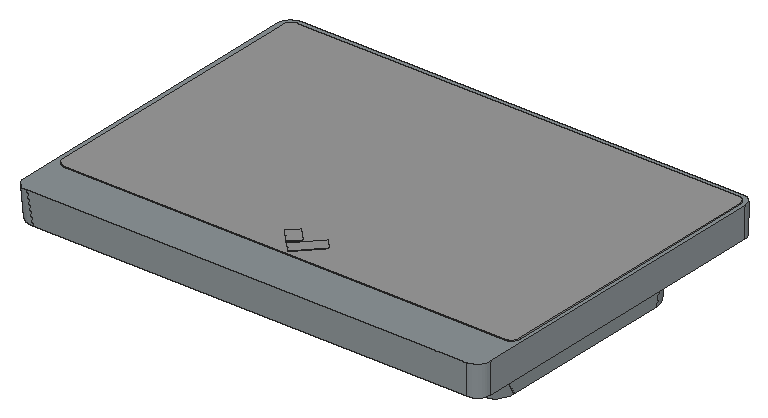
Revit family "AlarmsAlarmKeypad", category Security Devices, host Face, Revit 2019
Family settings
  Host = Face
  Maintain Annotation Orientation = Yes
  Round Connector Dimension = Use Diameter
  Part Type = Normal
  Cut with Voids When Loaded = No
  Shared = No
  Room Calculation Point = Yes
Parameters (values of type "BK11")
  Width = 7.2"
  URL = "https://www.verkada.com/alarms/keypad/"
  Type Image = BK11_21.png
  Model = "BK11"
  Manufacturer = "VERKADA"  # constant formula
  Length = 5.3"
  Height = 1.1"
  Description = "ALARM KEYPAD - WALL MOUNT"
  Default Elevation = 48.0"
  Corner Radius = 0.25"  # constant formula
Types (2): name | Width | Model | Length | Height | Description
  BK11 | 7.2" | "BK11" | 5.3" | 1.1" | "ALARM KEYPAD - WALL MOUNT"
  BK21 | 6.8" | "BK21" | 9.8" | 1.5" | "ALARM KEYPAD WITH WIRELSS HUB - WALL MOUNT"
Reference planes (in)
  plane 1 "Center (Front/Back)": y = 0
  plane 2: z = 0
  plane 3 "Center (Left/Right)": x = 0
  plane 4: x = 3.6
  plane 5: y = 2.65
  plane 6: y = -2.65
  plane 7: x = -3.6
  plane 8: z = 1.1
  plane 9: x = -3.13678
  plane 10: x = 3.13678
Forms (in)
  Blend 1, solid, material "Verkada Grey"
    base sketch origin (18.21374, -10.60161, 0.98426) x (1, 0, 0) y (0, 1, 0)
      loop
        arc (-21.52436, 13.25161) -> (-21.72898, 13.16685) -> (-21.81374, 12.96223) r 0.28938
        line (-21.81374, 12.96223) -> (-21.81374, 8.24099)
        arc (-21.81374, 8.24099) -> (-21.72898, 8.03637) -> (-21.52436, 7.95161) r 0.28938
        line (-21.52436, 7.95161) -> (-14.81608, 7.95161)
        arc (-14.81608, 7.95161) -> (-14.673, 8.01087) -> (-14.61374, 8.15394) r 0.20234
        line (-14.61374, 8.15394) -> (-14.61374, 13.06027)
        arc (-14.61374, 13.06027) -> (-14.66978, 13.19557) -> (-14.80508, 13.25161) r 0.19134
        line (-14.80508, 13.25161) -> (-21.52436, 13.25161)
    top sketch origin (18.21374, -10.60161, 0.98426) x (1, 0, 0) y (0, 1, 0)
      loop
        arc (-21.61098, 13.25161) -> (-21.75435, 13.19222) -> (-21.81374, 13.04885) r 0.20276
        line (-21.81374, 13.04885) -> (-21.81374, 8.14943)
        arc (-21.81374, 8.14943) -> (-21.7558, 8.00955) -> (-21.61592, 7.95161) r 0.19782
        line (-21.61592, 7.95161) -> (-14.8205, 7.95161)
        arc (-14.8205, 7.95161) -> (-14.6743, 8.01217) -> (-14.61374, 8.15837) r 0.20676
        line (-14.61374, 8.15837) -> (-14.61374, 13.06796)
        arc (-14.61374, 13.06796) -> (-14.66753, 13.19782) -> (-14.79739, 13.25161) r 0.18365
        line (-14.79739, 13.25161) -> (-21.61098, 13.25161)
    from -0.34411 to 0.11574
  Blend 2, solid, material "Verkada Grey"
    base sketch origin (18.21923, -10.59248, 0.78426) x (1, 0, 0) y (0, 1, 0)
      loop
        line (-15.11923, 9.21986) -> (-15.11923, 11.97174)
        arc (-15.11923, 11.97174) -> (-15.20416, 12.1768) -> (-15.40923, 12.26174) r 0.29
        line (-15.40923, 12.26174) -> (-21.01709, 12.26174)
        arc (-21.01709, 12.26174) -> (-21.22215, 12.1768) -> (-21.30709, 11.97174) r 0.29
        line (-21.30709, 11.97174) -> (-21.30709, 9.21686)
        arc (-21.30709, 9.21686) -> (-21.22215, 9.0118) -> (-21.01709, 8.92686) r 0.29
        line (-21.01709, 8.92686) -> (-15.41223, 8.92686)
        arc (-15.41223, 8.92686) -> (-15.20505, 9.01268) -> (-15.11923, 9.21986) r 0.29301
    top sketch origin (18.21923, -10.59248, 0.78426) x (1, 0, 0) y (0, 1, 0)
      loop
        line (-15.33241, 12.30351) -> (-21.10604, 12.30351)
        arc (-21.10604, 12.30351) -> (-21.2828, 12.23029) -> (-21.35601, 12.05354) r 0.24997
        line (-21.35601, 12.05354) -> (-21.35601, 9.08235)
        arc (-21.35601, 9.08235) -> (-21.29717, 8.9403) -> (-21.15511, 8.88146) r 0.20089
        line (-21.15511, 8.88146) -> (-15.08244, 8.88146) -> (-15.08244, 12.05354)
        arc (-15.08244, 12.05354) -> (-15.15566, 12.23029) -> (-15.33241, 12.30351) r 0.24997
    from -0.78426 to -0.14411
  Extrusion 3, solid, material "Verkada Black"
    sketch origin (0, 0, 0) x (1, 0, 0) y (0, 1, 0)
      loop
        line (-3.52804, 2.452) -> (-3.52804, -1.78708)
        arc (-3.52804, -1.78708) -> (-3.48876, -1.88234) -> (-3.39359, -1.92182) r 0.13445
        line (-3.39359, -1.92182) -> (3.39359, -1.92182)
        arc (3.39359, -1.92182) -> (3.48866, -1.88244) -> (3.52804, -1.78737) r 0.13445
        line (3.52804, -1.78737) -> (3.52804, 2.45228)
        arc (3.52804, 2.45228) -> (3.48866, 2.54735) -> (3.39359, 2.58673) r 0.13445
        line (3.39359, 2.58673) -> (-3.39359, 2.58673)
        arc (-3.39359, 2.58673) -> (-3.48876, 2.54725) -> (-3.52804, 2.452) r 0.13445
    from 1.03193 to 1.10396
  Extrusion 4, solid, material "Verkada White"
    sketch origin (-0.00002, -5.54772, -3.66559) x (1, 0, 0) y (0, 1, 0)
      loop
        line (-0.02918, 4.00761) -> (-0.21006, 4.20045) -> (-0.34495, 4.05581) -> (-0.16415, 3.86287) -> (-0.02918, 4.00761)
      loop
        line (0.21007, 4.20045) -> (-0.13505, 3.83251) -> (0.00001, 3.68768) -> (0.34496, 4.05581) -> (0.21007, 4.20045)
    from 4.73341 to 4.77408
Lines and regions (in)
  model lines, style "Verkada Alarm"
    curve 1: line (-3.05531, 2.02878, 1.10396) -> (-3.05531, -1.23579, 1.10396)
    curve 2: arc (-3.05531, -1.23579, 1.10396) -> (-3.03225, -1.29147, 1.10396) -> (-2.97657, -1.31453, 1.10396) r 0.07874
    curve 3: line (-2.97657, -1.31453, 1.10396) -> (2.97657, -1.31453, 1.10396)
    curve 4: arc (2.97657, -1.31453, 1.10396) -> (3.03225, -1.29147, 1.10396) -> (3.05531, -1.23579, 1.10396) r 0.07874
    curve 5: line (3.05531, -1.23579, 1.10396) -> (3.05531, 2.02878, 1.10396)
    curve 6: arc (3.05531, 2.02878, 1.10396) -> (3.03225, 2.08445, 1.10396) -> (2.97657, 2.10752, 1.10396) r 0.07874
    curve 7: line (2.97657, 2.10752, 1.10396) -> (-2.97657, 2.10752, 1.10396)
    curve 8: arc (-2.97657, 2.10752, 1.10396) -> (-3.03225, 2.08445, 1.10396) -> (-3.05531, 2.02878, 1.10396) r 0.07874
    curve 9: line (-3.52804, 2.452, 1.10396) -> (-3.52804, -1.78708, 1.10396)
    curve 10: arc (-3.52804, -1.78708, 1.10396) -> (-3.48876, -1.88234, 1.10396) -> (-3.39359, -1.92182, 1.10396) r 0.13445
    curve 11: line (-3.39359, -1.92182, 1.10396) -> (3.39359, -1.92182, 1.10396)
    curve 12: arc (3.39359, -1.92182, 1.10396) -> (3.48866, -1.88244, 1.10396) -> (3.52804, -1.78737, 1.10396) r 0.13445
    curve 13: line (3.52804, -1.78737, 1.10396) -> (3.52804, 2.45228, 1.10396)
    curve 14: arc (-3.52804, 2.452, 1.10396) -> (-3.48876, 2.54725, 1.10396) -> (-3.39359, 2.58673, 1.10396) r 0.13445
    curve 15: line (-3.39359, 2.58673, 1.10396) -> (3.39359, 2.58673, 1.10396)
    curve 16: arc (3.39359, 2.58673, 1.10396) -> (3.48866, 2.54735, 1.10396) -> (3.52804, 2.45228, 1.10396) r 0.13445
Dimensions and locks (in)
  equal spacing: plane 7, plane 3 "Center (Left/Right)", plane 4
  "Width": plane 7 to plane 4
  "Height": plane 8 to level
  equal spacing: plane 6, plane 1 "Center (Front/Back)", plane 5
  "Length": plane 6 to plane 5
  aligned and locked: plane 2 to host face
  aligned and locked: level to host face
Automatic sketch dimensions
  host sketch curve to host sketch curve = 96.0"  (x2)
  Blend 1 sketch curve to plane 7 = 0.0"  (x2)
  plane 5 to Blend 1 sketch curve = 0.0"  (x2)
  plane 6 to Blend 1 sketch curve = 0.0"  (x2)
  Blend 1 sketch curve to plane 4 = 0.0"  (x2)
  Blend 1 sketch curve to plane 9 = 0.17384"  (x2)
  Blend 1 sketch curve to plane 4 = 0.20234"
  Blend 1 sketch curve to Blend 1 sketch curve = 0.19134"
  Blend 1 sketch curve to Blend 1 sketch curve = 0.19782"
  plane 5 to Blend 1 sketch curve = 0.20276"
  Blend 1 sketch curve to plane 4 = 0.20676"
  Blend 1 sketch curve to plane 4 = 0.18365"
  plane 9 to Blend 2 sketch curve = 0.04892"
  plane 9 to Blend 2 sketch curve = 0.33892"
  Blend 2 sketch curve to Blend 2 sketch curve = 0.29"
  plane 10 to Blend 2 sketch curve = 0.32979"
  plane 10 to Blend 2 sketch curve = 0.32678"
  plane 10 to Blend 2 sketch curve = 0.03678"
  Blend 2 sketch curve to plane 6 = 0.98437"
  plane 5 to Blend 2 sketch curve = 1.27075"
  Blend 2 sketch curve to plane 9 = 0.0"
  Blend 2 sketch curve to plane 10 = 0.0"
  plane 9 to Blend 2 sketch curve = 0.20089"
  plane 9 to Blend 2 sketch curve = 0.24997"
  Blend 2 sketch curve to Blend 2 sketch curve = 0.24997"
  Blend 2 sketch curve to plane 6 = 0.93898"
  plane 5 to Blend 2 sketch curve = 1.18894"
  plane 7 to Extrusion 3 sketch curve = 0.07196"
  Extrusion 3 sketch curve to Extrusion 3 sketch curve = 0.13445"  (x3)
  Extrusion 3 sketch curve to plane 4 = 0.20641"  (x2)
  Extrusion 3 sketch curve to plane 4 = 0.07196"
  Extrusion 3 sketch curve to plane 6 = 0.72818"
  plane 5 to Extrusion 3 sketch curve = 0.198"
  plane 5 to Extrusion 3 sketch curve = 0.19772"
  plane 7 to curve 9 = 0.07196"
  curve 14 to curve 14 = 0.13445"
  curve 9 to curve 11 = 0.13445"
  plane 9 to curve 1 = 0.08147"
  curve 2 to curve 3 = 0.07874"
  curve 8 to curve 7 = 0.07874"
  plane 10 to curve 6 = 0.16021"
  plane 10 to curve 3 = 0.16021"
  curve 6 to curve 5 = 0.07874"
  plane 5 to curve 15 = 0.06327"
  curve 15 to plane 4 = 0.20641"
  curve 12 to plane 4 = 0.20641"
  curve 13 to plane 4 = 0.07196"
  curve 9 to curve 15 = 0.13473"
  curve 7 to curve 16 = 0.34476"
  plane 1 "Center (Front/Back)" to curve 1 = 1.23579"
  curve 9 to curve 1 = 0.55129"
  curve 13 to curve 3 = 0.47283"
  Extrusion 4 sketch curve to plane 3 "Center (Left/Right)" = 0.34496"
  Extrusion 4 sketch curve to Extrusion 4 sketch curve = 0.13488"  (x2)
  Extrusion 4 sketch curve to plane 3 "Center (Left/Right)" = 0.16417"
  Extrusion 4 sketch curve to Extrusion 4 sketch curve = 0.02911"
  Extrusion 4 sketch curve to plane 3 "Center (Left/Right)" = 0.0292"
  Extrusion 4 sketch curve to plane 3 "Center (Left/Right)" = 0.00001"
  plane 3 "Center (Left/Right)" to Extrusion 4 sketch curve = 0.21006"
  Extrusion 4 sketch curve to plane 6 = 0.78996"
  Extrusion 4 sketch curve to Extrusion 4 sketch curve = 0.14483"
  Extrusion 4 sketch curve to Extrusion 4 sketch curve = 0.03036"
  Extrusion 4 sketch curve to Extrusion 4 sketch curve = 0.14474"
  Extrusion 4 sketch curve to Extrusion 4 sketch curve = 0.19294"
  Extrusion 4 sketch curve to Extrusion 4 sketch curve = 0.0482"
  Extrusion 4 sketch curve to Extrusion 4 sketch curve = 0.14464"  (x2)
Nested families (in)
  nested 1: "PlanSymbol_AlarmKeypad" at (0, 0, 0), type "Standard"
  nested 2: "BK11_21 Speaker" at (-0.06938, -2.05993, 1.1), type "Standard"
Connectors (in)
  electrical at (0, 0, 0)
    settings: index 2, voltage 0 V, apparent load 0 VA, apparent load phase1 0 VA, apparent load phase2 0 VA, apparent load phase3 0 VA, power factor 1, load classification "Other", number of poles 1, system type 10, power factor state 1, is connector primary yes, connector utility no, sub classification motor no, connector description ""
Definition of nested family "PlanSymbol_AlarmKeypad"
  Reference planes (in)
    plane 1: y = 0
    plane 2: x = 0
  Lines and regions (in)
    Masking region 1
      outline origin (0, 0, 0) x (1, 0, 0) y (0, 1, 0)
        loop
          line (-0.11811, 0.23622) -> (-0.11811, 0.15748) -> (-0.03937, 0.15748) -> (-0.03937, 0.23622) -> (-0.11811, 0.23622)
    Masking region 2
      outline origin (0.07874, 0, 0) x (1, 0, 0) y (0, 1, 0)
        loop
          line (-0.11811, 0.23622) -> (-0.11811, 0.15748) -> (-0.03937, 0.15748) -> (-0.03937, 0.23622) -> (-0.11811, 0.23622)
    Masking region 3
      outline origin (0.15748, 0, 0) x (1, 0, 0) y (0, 1, 0)
        loop
          line (-0.11811, 0.23622) -> (-0.11811, 0.15748) -> (-0.03937, 0.15748) -> (-0.03937, 0.23622) -> (-0.11811, 0.23622)
    Masking region 4
      outline origin (0, -0.07874, 0) x (1, 0, 0) y (0, 1, 0)
        loop
          line (-0.11811, 0.23622) -> (-0.11811, 0.15748) -> (-0.03937, 0.15748) -> (-0.03937, 0.23622) -> (-0.11811, 0.23622)
    Masking region 5
      outline origin (0.07874, -0.07874, 0) x (1, 0, 0) y (0, 1, 0)
        loop
          line (-0.11811, 0.23622) -> (-0.11811, 0.15748) -> (-0.03937, 0.15748) -> (-0.03937, 0.23622) -> (-0.11811, 0.23622)
    Masking region 6
      outline origin (0.15748, -0.07874, 0) x (1, 0, 0) y (0, 1, 0)
        loop
          line (-0.11811, 0.23622) -> (-0.11811, 0.15748) -> (-0.03937, 0.15748) -> (-0.03937, 0.23622) -> (-0.11811, 0.23622)
    Masking region 7
      outline origin (0, -0.15748, 0) x (1, 0, 0) y (0, 1, 0)
        loop
          line (-0.11811, 0.23622) -> (-0.11811, 0.15748) -> (-0.03937, 0.15748) -> (-0.03937, 0.23622) -> (-0.11811, 0.23622)
    Masking region 8
      outline origin (0.07874, -0.15748, 0) x (1, 0, 0) y (0, 1, 0)
        loop
          line (-0.11811, 0.23622) -> (-0.11811, 0.15748) -> (-0.03937, 0.15748) -> (-0.03937, 0.23622) -> (-0.11811, 0.23622)
    Masking region 9
      outline origin (0.15748, -0.15748, 0) x (1, 0, 0) y (0, 1, 0)
        loop
          line (-0.11811, 0.23622) -> (-0.11811, 0.15748) -> (-0.03937, 0.15748) -> (-0.03937, 0.23622) -> (-0.11811, 0.23622)
Definition of nested family "BK11_21 Speaker"
  Reference planes (in)
    plane 1 "Center (Front/Back)": y = 0
    plane 2: z = 0
    plane 3 "Center (Left/Right)": x = 0
  Lines and regions (in)
    model lines
      curve 1: circle (0, -0.01518, 0) r 0.04628 normal (0, 0, -1)
      curve 2: circle (0.13877, -0.01518, 0) r 0.04628 normal (0, 0, -1)
      curve 3: circle (0.27753, -0.01518, 0) r 0.04628 normal (0, 0, -1)
      curve 4: circle (0.4163, -0.01518, 0) r 0.04628 normal (0, 0, -1)
      curve 5: circle (0.55507, -0.01518, 0) r 0.04628 normal (0, 0, -1)
      curve 6: circle (0.69384, -0.01518, 0) r 0.04628 normal (0, 0, -1)
      curve 7: circle (0.8326, -0.01518, 0) r 0.04628 normal (0, 0, -1)
      curve 8: circle (0.97137, -0.01518, 0) r 0.04628 normal (0, 0, -1)
      curve 9: circle (1.11014, -0.01518, 0) r 0.04628 normal (0, 0, -1)
      curve 10: circle (1.24891, -0.01518, 0) r 0.04628 normal (0, 0, -1)
      curve 11: circle (1.38767, -0.01518, 0) r 0.04628 normal (0, 0, -1)
      curve 12: circle (1.52644, -0.01518, 0) r 0.04628 normal (0, 0, -1)
      curve 13: circle (1.66521, -0.01518, 0) r 0.04628 normal (0, 0, -1)
      curve 14: circle (1.80398, -0.01518, 0) r 0.04628 normal (0, 0, -1)
      curve 15: circle (1.94274, -0.01518, 0) r 0.04628 normal (0, 0, -1)
      curve 16: circle (2.08151, -0.01518, 0) r 0.04628 normal (0, 0, -1)
      curve 17: circle (2.22028, -0.01518, 0) r 0.04628 normal (0, 0, -1)
      curve 18: circle (2.35905, -0.01518, 0) r 0.04628 normal (0, 0, -1)
      curve 19: circle (2.49781, -0.01518, 0) r 0.04628 normal (0, 0, -1)
      curve 20: circle (2.63658, -0.01518, 0) r 0.04628 normal (0, 0, -1)
      curve 21: circle (2.77535, -0.01518, 0) r 0.04628 normal (0, 0, -1)
      curve 22: circle (2.91412, -0.01518, 0) r 0.04628 normal (0, 0, -1)
      curve 23: circle (3.05288, -0.01518, 0) r 0.04628 normal (0, 0, -1)
      curve 24: circle (3.19165, -0.01518, 0) r 0.04628 normal (0, 0, -1)
      curve 25: circle (3.33042, -0.01518, 0) r 0.04628 normal (0, 0, -1)
      curve 26: circle (3.46919, -0.01518, 0) r 0.04628 normal (0, 0, -1)
      curve 27: circle (-0.13877, -0.01518, 0) r 0.04628 normal (0, 0, 1)
      curve 28: circle (-0.27753, -0.01518, 0) r 0.04628 normal (0, 0, 1)
      curve 29: circle (-0.4163, -0.01518, 0) r 0.04628 normal (0, 0, 1)
      curve 30: circle (-0.55507, -0.01518, 0) r 0.04628 normal (0, 0, 1)
      curve 31: circle (-0.69384, -0.01518, 0) r 0.04628 normal (0, 0, 1)
      curve 32: circle (-0.8326, -0.01518, 0) r 0.04628 normal (0, 0, 1)
      curve 33: circle (-0.97137, -0.01518, 0) r 0.04628 normal (0, 0, 1)
      curve 34: circle (-1.11014, -0.01518, 0) r 0.04628 normal (0, 0, 1)
      curve 35: circle (-1.24891, -0.01518, 0) r 0.04628 normal (0, 0, 1)
      curve 36: circle (-1.38767, -0.01518, 0) r 0.04628 normal (0, 0, 1)
      curve 37: circle (-1.52644, -0.01518, 0) r 0.04628 normal (0, 0, 1)
      curve 38: circle (-1.66521, -0.01518, 0) r 0.04628 normal (0, 0, 1)
      curve 39: circle (-1.80398, -0.01518, 0) r 0.04628 normal (0, 0, 1)
      curve 40: circle (-1.94274, -0.01518, 0) r 0.04628 normal (0, 0, 1)
      curve 41: circle (-2.08151, -0.01518, 0) r 0.04628 normal (0, 0, 1)
      curve 42: circle (-2.22028, -0.01518, 0) r 0.04628 normal (0, 0, 1)
      curve 43: circle (-2.35905, -0.01518, 0) r 0.04628 normal (0, 0, 1)
      curve 44: circle (-2.49781, -0.01518, 0) r 0.04628 normal (0, 0, 1)
      curve 45: circle (-2.63658, -0.01518, 0) r 0.04628 normal (0, 0, 1)
      curve 46: circle (-2.77535, -0.01518, 0) r 0.04628 normal (0, 0, 1)
      curve 47: circle (-2.91412, -0.01518, 0) r 0.04628 normal (0, 0, 1)
      curve 48: circle (-3.05288, -0.01518, 0) r 0.04628 normal (0, 0, 1)
      curve 49: circle (-3.19165, -0.01518, 0) r 0.04628 normal (0, 0, 1)
      curve 50: circle (-3.33042, -0.01518, 0) r 0.04628 normal (0, 0, 1)
      curve 51: circle (0, -0.42856, 0) r 0.04628 normal (0, 0, -1)
      curve 52: circle (0.13877, -0.42856, 0) r 0.04628 normal (0, 0, -1)
      curve 53: circle (0.27753, -0.42856, 0) r 0.04628 normal (0, 0, -1)
      curve 54: circle (0.4163, -0.42856, 0) r 0.04628 normal (0, 0, -1)
      curve 55: circle (0.55507, -0.42856, 0) r 0.04628 normal (0, 0, -1)
      curve 56: circle (0.69384, -0.42856, 0) r 0.04628 normal (0, 0, -1)
      curve 57: circle (0.8326, -0.42856, 0) r 0.04628 normal (0, 0, -1)
      curve 58: circle (0.97137, -0.42856, 0) r 0.04628 normal (0, 0, -1)
      curve 59: circle (1.11014, -0.42856, 0) r 0.04628 normal (0, 0, -1)
      curve 60: circle (1.24891, -0.42856, 0) r 0.04628 normal (0, 0, -1)
      curve 61: circle (1.38767, -0.42856, 0) r 0.04628 normal (0, 0, -1)
      curve 62: circle (1.52644, -0.42856, 0) r 0.04628 normal (0, 0, -1)
      curve 63: circle (1.66521, -0.42856, 0) r 0.04628 normal (0, 0, -1)
      curve 64: circle (1.80398, -0.42856, 0) r 0.04628 normal (0, 0, -1)
      curve 65: circle (1.94274, -0.42856, 0) r 0.04628 normal (0, 0, -1)
      curve 66: circle (2.08151, -0.42856, 0) r 0.04628 normal (0, 0, -1)
      curve 67: circle (2.22028, -0.42856, 0) r 0.04628 normal (0, 0, -1)
      curve 68: circle (2.35905, -0.42856, 0) r 0.04628 normal (0, 0, -1)
      curve 69: circle (2.49781, -0.42856, 0) r 0.04628 normal (0, 0, -1)
      curve 70: circle (2.63658, -0.42856, 0) r 0.04628 normal (0, 0, -1)
      curve 71: circle (2.77535, -0.42856, 0) r 0.04628 normal (0, 0, -1)
      curve 72: circle (2.91412, -0.42856, 0) r 0.04628 normal (0, 0, -1)
      curve 73: circle (3.05288, -0.42856, 0) r 0.04628 normal (0, 0, -1)
      curve 74: circle (3.19165, -0.42856, 0) r 0.04628 normal (0, 0, -1)
      curve 75: circle (3.33042, -0.42856, 0) r 0.04628 normal (0, 0, -1)
      curve 76: circle (3.46919, -0.42856, 0) r 0.04628 normal (0, 0, -1)
      curve 77: circle (-0.13877, -0.42856, 0) r 0.04628 normal (0, 0, 1)
      curve 78: circle (-0.27753, -0.42856, 0) r 0.04628 normal (0, 0, 1)
      curve 79: circle (-0.4163, -0.42856, 0) r 0.04628 normal (0, 0, 1)
      curve 80: circle (-0.55507, -0.42856, 0) r 0.04628 normal (0, 0, 1)
      curve 81: circle (-0.69384, -0.42856, 0) r 0.04628 normal (0, 0, 1)
      curve 82: circle (-0.8326, -0.42856, 0) r 0.04628 normal (0, 0, 1)
      curve 83: circle (-0.97137, -0.42856, 0) r 0.04628 normal (0, 0, 1)
      curve 84: circle (-1.11014, -0.42856, 0) r 0.04628 normal (0, 0, 1)
      curve 85: circle (-1.24891, -0.42856, 0) r 0.04628 normal (0, 0, 1)
      curve 86: circle (-1.38767, -0.42856, 0) r 0.04628 normal (0, 0, 1)
      curve 87: circle (-1.52644, -0.42856, 0) r 0.04628 normal (0, 0, 1)
      curve 88: circle (-1.66521, -0.42856, 0) r 0.04628 normal (0, 0, 1)
      curve 89: circle (-1.80398, -0.42856, 0) r 0.04628 normal (0, 0, 1)
      curve 90: circle (-1.94274, -0.42856, 0) r 0.04628 normal (0, 0, 1)
      curve 91: circle (-2.08151, -0.42856, 0) r 0.04628 normal (0, 0, 1)
      curve 92: circle (-2.22028, -0.42856, 0) r 0.04628 normal (0, 0, 1)
      curve 93: circle (-2.35905, -0.42856, 0) r 0.04628 normal (0, 0, 1)
      curve 94: circle (-2.49781, -0.42856, 0) r 0.04628 normal (0, 0, 1)
      curve 95: circle (-2.63658, -0.42856, 0) r 0.04628 normal (0, 0, 1)
      curve 96: circle (-2.77535, -0.42856, 0) r 0.04628 normal (0, 0, 1)
      curve 97: circle (-2.91412, -0.42856, 0) r 0.04628 normal (0, 0, 1)
      curve 98: circle (-3.05288, -0.42856, 0) r 0.04628 normal (0, 0, 1)
      curve 99: circle (-3.19165, -0.42856, 0) r 0.04628 normal (0, 0, 1)
      curve 100: circle (-3.33042, -0.42856, 0) r 0.04628 normal (0, 0, 1)
      curve 101: circle (0, -0.15297, 0) r 0.04628 normal (0, 0, -1)
      curve 102: circle (0.13877, -0.15297, 0) r 0.04628 normal (0, 0, -1)
      curve 103: circle (0.27753, -0.15297, 0) r 0.04628 normal (0, 0, -1)
      curve 104: circle (0.4163, -0.15297, 0) r 0.04628 normal (0, 0, -1)
      curve 105: circle (0.55507, -0.15297, 0) r 0.04628 normal (0, 0, -1)
      curve 106: circle (0.69384, -0.15297, 0) r 0.04628 normal (0, 0, -1)
      curve 107: circle (0.8326, -0.15297, 0) r 0.04628 normal (0, 0, -1)
      curve 108: circle (0.97137, -0.15297, 0) r 0.04628 normal (0, 0, -1)
      curve 109: circle (1.11014, -0.15297, 0) r 0.04628 normal (0, 0, -1)
      curve 110: circle (1.24891, -0.15297, 0) r 0.04628 normal (0, 0, -1)
      curve 111: circle (1.38767, -0.15297, 0) r 0.04628 normal (0, 0, -1)
      curve 112: circle (1.52644, -0.15297, 0) r 0.04628 normal (0, 0, -1)
      curve 113: circle (1.66521, -0.15297, 0) r 0.04628 normal (0, 0, -1)
      curve 114: circle (1.80398, -0.15297, 0) r 0.04628 normal (0, 0, -1)
      curve 115: circle (1.94274, -0.15297, 0) r 0.04628 normal (0, 0, -1)
      curve 116: circle (2.08151, -0.15297, 0) r 0.04628 normal (0, 0, -1)
      curve 117: circle (2.22028, -0.15297, 0) r 0.04628 normal (0, 0, -1)
      curve 118: circle (2.35905, -0.15297, 0) r 0.04628 normal (0, 0, -1)
      curve 119: circle (2.49781, -0.15297, 0) r 0.04628 normal (0, 0, -1)
      curve 120: circle (2.63658, -0.15297, 0) r 0.04628 normal (0, 0, -1)
      curve 121: circle (2.77535, -0.15297, 0) r 0.04628 normal (0, 0, -1)
      curve 122: circle (2.91412, -0.15297, 0) r 0.04628 normal (0, 0, -1)
      curve 123: circle (3.05288, -0.15297, 0) r 0.04628 normal (0, 0, -1)
      curve 124: circle (3.19165, -0.15297, 0) r 0.04628 normal (0, 0, -1)
      curve 125: circle (3.33042, -0.15297, 0) r 0.04628 normal (0, 0, -1)
      curve 126: circle (3.46919, -0.15297, 0) r 0.04628 normal (0, 0, -1)
      curve 127: circle (-0.13877, -0.15297, 0) r 0.04628 normal (0, 0, 1)
      curve 128: circle (-0.27753, -0.15297, 0) r 0.04628 normal (0, 0, 1)
      curve 129: circle (-0.4163, -0.15297, 0) r 0.04628 normal (0, 0, 1)
      curve 130: circle (-0.55507, -0.15297, 0) r 0.04628 normal (0, 0, 1)
      curve 131: circle (-0.69384, -0.15297, 0) r 0.04628 normal (0, 0, 1)
      curve 132: circle (-0.8326, -0.15297, 0) r 0.04628 normal (0, 0, 1)
      curve 133: circle (-0.97137, -0.15297, 0) r 0.04628 normal (0, 0, 1)
      curve 134: circle (-1.11014, -0.15297, 0) r 0.04628 normal (0, 0, 1)
      curve 135: circle (-1.24891, -0.15297, 0) r 0.04628 normal (0, 0, 1)
      curve 136: circle (-1.38767, -0.15297, 0) r 0.04628 normal (0, 0, 1)
      curve 137: circle (-1.52644, -0.15297, 0) r 0.04628 normal (0, 0, 1)
      curve 138: circle (-1.66521, -0.15297, 0) r 0.04628 normal (0, 0, 1)
      curve 139: circle (-1.80398, -0.15297, 0) r 0.04628 normal (0, 0, 1)
      curve 140: circle (-1.94274, -0.15297, 0) r 0.04628 normal (0, 0, 1)
      curve 141: circle (-2.08151, -0.15297, 0) r 0.04628 normal (0, 0, 1)
      curve 142: circle (-2.22028, -0.15297, 0) r 0.04628 normal (0, 0, 1)
      curve 143: circle (-2.35905, -0.15297, 0) r 0.04628 normal (0, 0, 1)
      curve 144: circle (-2.49781, -0.15297, 0) r 0.04628 normal (0, 0, 1)
      curve 145: circle (-2.63658, -0.15297, 0) r 0.04628 normal (0, 0, 1)
      curve 146: circle (-2.77535, -0.15297, 0) r 0.04628 normal (0, 0, 1)
      curve 147: circle (-2.91412, -0.15297, 0) r 0.04628 normal (0, 0, 1)
      curve 148: circle (-3.05288, -0.15297, 0) r 0.04628 normal (0, 0, 1)
      curve 149: circle (-3.19165, -0.15297, 0) r 0.04628 normal (0, 0, 1)
      curve 150: circle (-3.33042, -0.15297, 0) r 0.04628 normal (0, 0, 1)
      curve 151: circle (0, -0.29077, 0) r 0.04628 normal (0, 0, -1)
      curve 152: circle (0.13877, -0.29077, 0) r 0.04628 normal (0, 0, -1)
      curve 153: circle (0.27753, -0.29077, 0) r 0.04628 normal (0, 0, -1)
      curve 154: circle (0.4163, -0.29077, 0) r 0.04628 normal (0, 0, -1)
      curve 155: circle (0.55507, -0.29077, 0) r 0.04628 normal (0, 0, -1)
      curve 156: circle (0.69384, -0.29077, 0) r 0.04628 normal (0, 0, -1)
      curve 157: circle (0.8326, -0.29077, 0) r 0.04628 normal (0, 0, -1)
      curve 158: circle (0.97137, -0.29077, 0) r 0.04628 normal (0, 0, -1)
      curve 159: circle (1.11014, -0.29077, 0) r 0.04628 normal (0, 0, -1)
      curve 160: circle (1.24891, -0.29077, 0) r 0.04628 normal (0, 0, -1)
      curve 161: circle (1.38767, -0.29077, 0) r 0.04628 normal (0, 0, -1)
      curve 162: circle (1.52644, -0.29077, 0) r 0.04628 normal (0, 0, -1)
      curve 163: circle (1.66521, -0.29077, 0) r 0.04628 normal (0, 0, -1)
      curve 164: circle (1.80398, -0.29077, 0) r 0.04628 normal (0, 0, -1)
      curve 165: circle (1.94274, -0.29077, 0) r 0.04628 normal (0, 0, -1)
      curve 166: circle (2.08151, -0.29077, 0) r 0.04628 normal (0, 0, -1)
      curve 167: circle (2.22028, -0.29077, 0) r 0.04628 normal (0, 0, -1)
      curve 168: circle (2.35905, -0.29077, 0) r 0.04628 normal (0, 0, -1)
      curve 169: circle (2.49781, -0.29077, 0) r 0.04628 normal (0, 0, -1)
      curve 170: circle (2.63658, -0.29077, 0) r 0.04628 normal (0, 0, -1)
      curve 171: circle (2.77535, -0.29077, 0) r 0.04628 normal (0, 0, -1)
      curve 172: circle (2.91412, -0.29077, 0) r 0.04628 normal (0, 0, -1)
      curve 173: circle (3.05288, -0.29077, 0) r 0.04628 normal (0, 0, -1)
      curve 174: circle (3.19165, -0.29077, 0) r 0.04628 normal (0, 0, -1)
      curve 175: circle (3.33042, -0.29077, 0) r 0.04628 normal (0, 0, -1)
      curve 176: circle (3.46919, -0.29077, 0) r 0.04628 normal (0, 0, -1)
      curve 177: circle (-0.13877, -0.29077, 0) r 0.04628 normal (0, 0, 1)
      curve 178: circle (-0.27753, -0.29077, 0) r 0.04628 normal (0, 0, 1)
      curve 179: circle (-0.4163, -0.29077, 0) r 0.04628 normal (0, 0, 1)
      curve 180: circle (-0.55507, -0.29077, 0) r 0.04628 normal (0, 0, 1)
      curve 181: circle (-0.69384, -0.29077, 0) r 0.04628 normal (0, 0, 1)
      curve 182: circle (-0.8326, -0.29077, 0) r 0.04628 normal (0, 0, 1)
      curve 183: circle (-0.97137, -0.29077, 0) r 0.04628 normal (0, 0, 1)
      curve 184: circle (-1.11014, -0.29077, 0) r 0.04628 normal (0, 0, 1)
      curve 185: circle (-1.24891, -0.29077, 0) r 0.04628 normal (0, 0, 1)
      curve 186: circle (-1.38767, -0.29077, 0) r 0.04628 normal (0, 0, 1)
      curve 187: circle (-1.52644, -0.29077, 0) r 0.04628 normal (0, 0, 1)
      curve 188: circle (-1.66521, -0.29077, 0) r 0.04628 normal (0, 0, 1)
      curve 189: circle (-1.80398, -0.29077, 0) r 0.04628 normal (0, 0, 1)
      curve 190: circle (-1.94274, -0.29077, 0) r 0.04628 normal (0, 0, 1)
      curve 191: circle (-2.08151, -0.29077, 0) r 0.04628 normal (0, 0, 1)
      curve 192: circle (-2.22028, -0.29077, 0) r 0.04628 normal (0, 0, 1)
      curve 193: circle (-2.35905, -0.29077, 0) r 0.04628 normal (0, 0, 1)
      curve 194: circle (-2.49781, -0.29077, 0) r 0.04628 normal (0, 0, 1)
      curve 195: circle (-2.63658, -0.29077, 0) r 0.04628 normal (0, 0, 1)
      curve 196: circle (-2.77535, -0.29077, 0) r 0.04628 normal (0, 0, 1)
      curve 197: circle (-2.91412, -0.29077, 0) r 0.04628 normal (0, 0, 1)
      curve 198: circle (-3.05288, -0.29077, 0) r 0.04628 normal (0, 0, 1)
      curve 199: circle (-3.19165, -0.29077, 0) r 0.04628 normal (0, 0, 1)
      curve 200: circle (-3.33042, -0.29077, 0) r 0.04628 normal (0, 0, 1)
  Dimensions and locks (in)
    equal spacing: group 1, group 3, group 4, group 2  (x2)
    equal spacing: group 2, group 4, group 3, group 1
    aligned and locked: plane 2 to level
